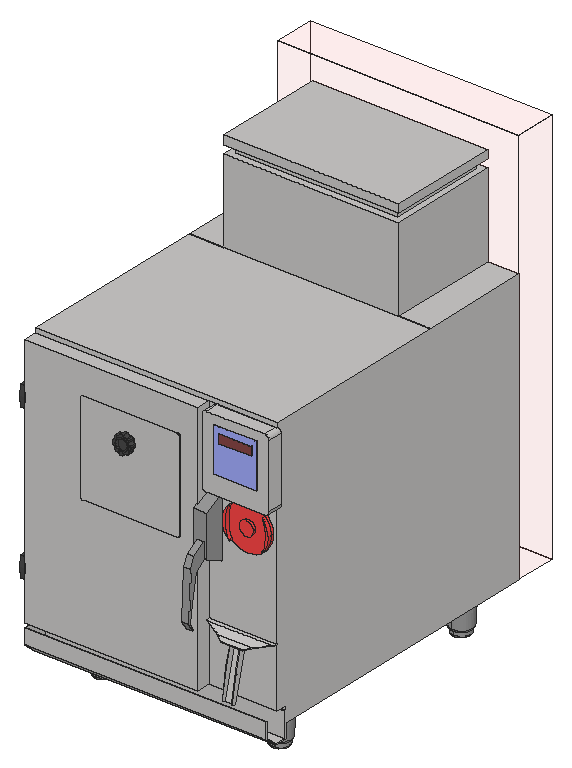
Revit family "QF_MACOM_EASYCOOK", category Equipamento especial, Revit 2020
Family settings
  Cota do conector redondo = Utilizar diâmetro
  Tipo de parte = Normal
  Número OmniClass = 23.40.40.14.17.11
  Título OmniClass = Cookers, Ovens, Stoves
  Com base no plano de trabalho = Não
  Sempre na vertical = Sim
  Corte com vazios quando carregada = Não
  Compartilhado = Não
  Ponto de cálculo do ambiente = Não
Parameters (values of type "EASYCOOK")
  Work Temperature = "80 ºC - 185 ºC"
  Width = 583 mm
  Volume = 0.43 m³
  URL = "https://www.acosmacom.com.br/"
  Show Clearances = yes
  Depth = 754 mm
  Height = 993 mm
  Electric Power = 8000 W
  Modelo = "EASYCOOK"
  Weight = 70.00 kg
  Fabricante = "MACOM"
  Elevação padrão = 0 mm
  Electrical Supply = 220 V
  Operational Current = 36.4 A
  Elec Connection Height = 169 mm
  Descrição = "EASYCOOK ELÉTRICO MACOM"
  Degree of Protection = "IP 23"
  Cycle = 60 Hz
  Capacity in Liters = 10.5 L
Reference planes
  plane 1 "Centro (Frente/Trás)": y = 0
  plane 2: z = 0
  plane 3 "Centro (Esquerda/Direita)": x = 0
  plane 4: y = -754
  plane 5: x = 583
  plane 6: y = 100
  plane 7: z = 100
  plane 8: z = 993
  plane 9: z = 752
  plane 10: x = 543
  plane 11: z = 169
Forms (mm)
  Extrusion 1, solid, material "QF_Metal_Stainless Steel"
    sketch origin (0, 0, 0) x (0, 1, 0) y (0, 0, 1)
      loop
        line (0, 0) -> (0, 993) -> (-754, 993) -> (-754, 0) -> (0, 0)
    from 0 to 575
  Extrusion 2, void
    sketch origin (0, 0, 0) x (0, 1, 0) y (0, 0, 1)
      loop
        line (-754, 993) -> (-754, 752) -> (-263, 752) -> (-263, 993) -> (-754, 993)
    from 0 to 583
  Extrusion 3, void
    sketch origin (0, 0, 0) x (1, 0, 0) y (0, 1, 0)
      loop
        line (0, 0) -> (0, -263) -> (83, -263) -> (83, 0) -> (0, 0)
      loop
        line (500, 0) -> (500, -263) -> (583, -263) -> (583, 0) -> (500, 0)
    from 753 to 993
  Extrusion 4, void
    sketch origin (0, 0, -20) x (1, 0, 0) y (0, 0, 1)
      loop
        line (98, 993) -> (98, 973) -> (485, 973) -> (485, 993) -> (98, 993)
    from 0 to 15
  Extrusion 5, void
    sketch origin (0, 0, -20) x (0, 1, 0) y (0, 0, 1)
      loop
        line (-263, 993) -> (-263, 973) -> (-248, 973) -> (-248, 993) -> (-263, 993)
    from 98 to 485
  Extrusion 6, void
    sketch origin (0, 0, 0) x (1, 0, 0) y (0, 1, 0)
      loop
        line (98, 0) -> (83, 0) -> (83, -263) -> (98, -263) -> (98, 0)
    from 953 to 973
  Extrusion 7, void
    sketch origin (0, 0, 0) x (1, 0, 0) y (0, 1, 0)
      loop
        line (485, 0) -> (485, -263) -> (500, -263) -> (500, 0) -> (485, 0)
    from 953 to 973
  Extrusion 8, void
    sketch origin (0, 0, 0) x (1, 0, 0) y (0, 0, 1)
      loop
        line (413, 753) -> (413, 138) -> (583, 138) -> (583, 753) -> (413, 753)
    from 720.436 to 754
  Extrusion 9, void
    sketch origin (0, 0, 0) x (1, 0, 0) y (0, 0, 1)
      loop
        line (0, 128) -> (583, 128) -> (583, 138) -> (0, 138) -> (0, 128)
    from 694.436 to 754
  Extrusion 10, void
    sketch origin (0, 0, 0) x (0, 1, 0) y (0, 0, 1)
      loop
        line (-694.436, 100) -> (-694.436, 0) -> (0, 0) -> (0, 100) -> (-694.436, 100)
    from 0 to 583
  Extrusion 11, void
    sketch origin (0, 0, 0) x (0, 1, 0) y (0, 0, 1)
      loop
        line (-754, 90.965) -> (-754, 0) -> (-724.2, 0) -> (-724.2, 66.465) -> (-754, 90.965)
    from 0 to 583
  Extrusion 12, void
    sketch origin (0, 0, 0) x (0, 1, 0) y (0, 0, 1)
      loop
        line (-724.2, 66.5) -> (-724.2, 0) -> (-694.436, 0) -> (-694.436, 66.5) -> (-724.2, 66.5)
    from 0 to 583
  Extrusion 13, solid, material "QF_Plastic_Polyetilene_Black", detail levels medium+fine
    sketch origin (0, 0, 0) x (0, 1, 0) y (0, 0, 1)
      loop
        arc (-694, 592) -> (-690.851, 617) -> (-694, 642) r 100.824
        line (-694, 642) -> (-749, 642)
        arc (-749, 642) -> (-751.5, 617) -> (-749, 592) r 126.259
        line (-749, 592) -> (-694, 592)
    from 0 to -12.5
  Extrusion 14, void
    sketch origin (0, 0, 0) x (0, 1, 0) y (0, 0, 1)
      loop
        line (-708.3, 617) -> (-710.3, 617) -> (-710.3, 592) -> (-708.3, 592) -> (-708.3, 617)
    from 0 to -14.5
  Extrusion 15, void
    sketch origin (0, -25, 25) x (0, 1, 0) y (0, 0, 1)
      loop
        line (-707.7, 617) -> (-709.7, 617) -> (-709.7, 592) -> (-707.7, 592) -> (-707.7, 617)
    from 0 to -14.5
  Extrusion 16, void
    sketch origin (0, 0, 0) x (0, 1, 0) y (0, 0, 1)
      loop
        line (-708.3, 617) -> (-734.7, 617) -> (-734.7, 616) -> (-708.3, 616) -> (-708.3, 617)
    from 0 to -14.5
  Extrusion 17, solid, material "QF_Plastic_Polyetilene_Black", detail levels medium+fine
    sketch origin (0, 0, -365) x (0, 1, 0) y (0, 0, 1)
      loop
        arc (-694, 592) -> (-690.851, 617) -> (-694, 642) r 100.824
        line (-694, 642) -> (-749, 642)
        arc (-749, 642) -> (-751.5, 617) -> (-749, 592) r 126.259
        line (-749, 592) -> (-694, 592)
    from 0 to -12.5
  Extrusion 18, void
    sketch origin (0, 0, -365) x (0, 1, 0) y (0, 0, 1)
      loop
        line (-708.3, 617) -> (-710.3, 617) -> (-710.3, 592) -> (-708.3, 592) -> (-708.3, 617)
    from 0 to -14.5
  Extrusion 19, void
    sketch origin (0, 0, 0) x (0, 1, 0) y (0, 0, 1)
      loop
        line (-710.3, 252) -> (-732.7, 252) -> (-732.7, 251) -> (-710.3, 251) -> (-710.3, 252)
    from 0 to -14.5
  Extrusion 20, void
    sketch origin (0, 0, 0) x (0, 1, 0) y (0, 0, 1)
      loop
        line (-732.7, 251) -> (-732.7, 277) -> (-734.7, 277) -> (-734.7, 251) -> (-732.7, 251)
    from 0 to -14.5
  Extrusion 21, void
    sketch origin (0, 0, 0) x (0, 1, 0) y (0, 0, 1)
      loop
        line (-719.7, 753) -> (-754, 753) -> (-754, 742) -> (-719.7, 742) -> (-719.7, 753)
    from 0 to 583
  Extrusion 22, solid, material "QF_Metal_Stainless Steel"
    sketch origin (0, 0, 0) x (0, 1, 0) y (0, 0, 1)
      loop
        line (-64.708, 669.5) -> (-276.177, 669.5)
        arc (-276.177, 669.5) -> (-281.709, 667.209) -> (-284, 661.677) r 7.823
        line (-284, 661.677) -> (-284, 110.746)
        arc (-284, 110.746) -> (-281.878, 105.622) -> (-276.754, 103.5) r 7.246
        line (-276.754, 103.5) -> (-65.203, 103.5)
        arc (-65.203, 103.5) -> (-60.11, 105.61) -> (-58, 110.703) r 7.203
        line (-58, 110.703) -> (-58, 662.792)
        arc (-58, 662.792) -> (-59.965, 667.535) -> (-64.708, 669.5) r 6.708
    from 0 to -5
  Extrusion 23, solid, material "QF_Metal_Stainless Steel"
    sketch origin (0, 0, -10) x (1, 0, 0) y (0, 0, 1)
      loop
        arc (434, 752) -> (426.929, 749.071) -> (424, 742) r 10
        line (424, 742) -> (424, 590)
        arc (424, 590) -> (426.929, 582.929) -> (434, 580) r 10
        line (434, 580) -> (573, 580)
        arc (573, 580) -> (580.071, 582.929) -> (583, 590) r 10
        line (583, 590) -> (583, 742)
        arc (583, 742) -> (580.071, 749.071) -> (573, 752) r 10
        line (573, 752) -> (434, 752)
    from 754 to 719.7
  Extrusion 24, solid, material "QF_Metal_Stainless Steel"
    sketch origin (0, 0, 0) x (1, 0, 0) y (0, 0, 1)
      loop
        arc (141, 672) -> (137.464, 670.536) -> (136, 667) r 5
        line (136, 667) -> (136, 455.282)
        arc (136, 455.282) -> (137.547, 451.547) -> (141.282, 450) r 5.282
        line (141.282, 450) -> (365, 450)
        arc (365, 450) -> (368.536, 451.464) -> (370, 455) r 5
        line (370, 455) -> (370, 667)
        arc (370, 667) -> (368.536, 670.536) -> (365, 672) r 5
        line (365, 672) -> (141, 672)
    from 754 to 755.099
  Extrusion 25, solid, material "QF_Metal_Stainless Steel"
    sketch origin (0, 0, 0) x (0, 1, 0) y (0, 0, 1)
      loop
        line (-374.77, 348.73) -> (-665.77, 348.73)
        arc (-665.77, 348.73) -> (-679.912, 342.872) -> (-685.77, 328.73) r 20
        line (-685.77, 328.73) -> (-685.77, 238.73)
        arc (-685.77, 238.73) -> (-679.912, 224.588) -> (-665.77, 218.73) r 20
        line (-665.77, 218.73) -> (-374.77, 218.73)
        arc (-374.77, 218.73) -> (-360.628, 224.588) -> (-354.77, 238.73) r 20
        line (-354.77, 238.73) -> (-354.77, 328.73)
        arc (-354.77, 328.73) -> (-360.628, 342.872) -> (-374.77, 348.73) r 20
    from 0 to -5
  Extrusion 26, solid, material "QF_Metal_Stainless Steel-Red", detail levels medium+fine
    sketch origin (10, 0, 0) x (1, 0, 0) y (0, 0, 1)
      loop
        circle (503.5, 512) r 55
    from 729.743 to 724
  Extrusion 27, solid, material "QF_Metal_Stainless Steel-Red", detail levels medium+fine
    sketch origin (0, 0, 0) x (1, 0, 0) y (0, 0, 1)
      loop
        circle (513.5, 512) r 17
    from 729.743 to 734.58
  Extrusion 28, solid, material "QF_Metal_Stainless Steel-Red", detail levels medium+fine
    sketch origin (0, 0, 0) x (1, 0, 0) y (0, 0, 1)
      loop
        line (554.001, 549.211) -> (554.001, 545.075)
        spline (554.001, 545.075) -> (556.079, 542.629) -> (557.937, 538.006) -> (559.446, 531.52) -> (560.504, 523.613) -> (561.039, 514.825) -> (561.015, 505.754) -> (560.433, 497.018) -> (559.333, 489.212) -> (557.79, 482.87) -> (555.909, 478.422) -> (553.818, 476.172) -> (551.659, 476.273)
        line (551.659, 476.273) -> (551.659, 472.391)
        arc (551.659, 472.391) -> (568.474, 510.324) -> (554.001, 549.211) r 55
      loop
        line (475.103, 472.621) -> (475.103, 476.196)
        spline (475.103, 476.196) -> (472.951, 477.416) -> (470.946, 480.993) -> (469.225, 486.683) -> (467.903, 494.098) -> (467.073, 502.733) -> (466.79, 512) -> (467.073, 521.267) -> (467.903, 529.902) -> (469.225, 537.317) -> (470.946, 543.007) -> (472.951, 546.584) -> (475.103, 547.804)
        line (475.103, 547.804) -> (475.103, 551.379)
        arc (475.103, 551.379) -> (458.5, 512) -> (475.103, 472.621) r 55
    from 729.743 to 737.753
  Extrusion 29, void
    sketch origin (0, 0, 0) x (0, 1, 0) y (0, 0, 1)
      loop
        line (-752, 128) -> (-752, 91.321) -> (-724.2, 68.465) -> (-696.2, 68.465) -> (-696.2, 128) -> (-752, 128)
    from 2 to 581
  Extrusion 30, solid, material "QF_Plastic_Polyetilene_Blue", detail levels medium+fine
    sketch origin (0, 0, 0) x (1, 0, 0) y (0, 0, 1)
      loop
        line (453, 721) -> (453, 615) -> (554, 615) -> (554, 721) -> (453, 721)
    from 754 to 755.099
  Extrusion 31, solid, material "QF_Plastic_Polyetilene_Red", detail levels medium+fine
    sketch origin (0, 0, 0) x (1, 0, 0) y (0, 0, 1)
      loop
        line (464.5, 706) -> (464.5, 685) -> (542.5, 685) -> (542.5, 706) -> (464.5, 706)
    from 754 to 755.725
  Extrusion 32, solid, material "QF_Metal_Stainless Steel", detail levels medium+fine
    sketch origin (415, -754.436, 252.929) x (0, 1, 0) y (0, 0, 1)
      loop
        line (0, 10) -> (0, 9) -> (7.071, 16.071) -> (24.392, 26.071) -> (34, 26.071) -> (34, 27.071) -> (24.392, 27.071) -> (7.071, 17.071) -> (0, 10)
    from 0 to 160
  Extrusion 33, void
    sketch origin (415, -754.436, 252.929) x (1, 0, 0) y (0, 1, 0)
      loop
        line (0, 26) -> (0, 0) -> (54, 0) -> (0, 26)
      loop
        line (160, 26) -> (106, 0) -> (160, 0) -> (160, 26)
    from 0 to 31.318
  Extrusion 34, solid, material "QF_Clearence_Red", visible <- "Show Clearances"
    sketch origin (0, 0, 0) x (0, 1, 0) y (0, 0, 1)
      loop
        line (100, 100) -> (100, 1049.123) -> (0, 1049.123) -> (0, 100) -> (100, 100)
    from 0 to 575
  Extrusion 35, solid, material "QF_Metal_Stainless Steel", detail levels medium+fine
    sketch origin (0, 0, 0) x (1, 0, 0) y (0, 0, 1)
      loop
        circle (543, 169) r 9.525
    from 0 to -6.4
  Extrusion 36, solid, material "QF_Clearence", visible <- "Show Clearances", detail levels coarse
    sketch origin (0, 0, 0) x (1, 0, 0) y (0, 1, 0)
      loop
        line (0, -719.7) -> (0, -1132.7)
        arc (0, -1132.7) -> (292.035, -1011.735) -> (413, -719.7) r 413
        line (413, -719.7) -> (0, -719.7)
    from 138 to 742
  Extrusion 37, solid, material "QF_Clearence", visible <- "Show Clearances", detail levels coarse
    sketch origin (0, 0, 0) x (0, 1, 0) y (0, 0, 1)
      loop
        line (-754, 450) -> (-754, 672)
        arc (-754, 672) -> (-910.978, 606.978) -> (-976, 450) r 222
        line (-976, 450) -> (-754, 450)
    from 136 to 370
  Extrusion 38, solid, material "QF_Clearence", visible <- "Show Clearances", detail levels coarse
    sketch origin (0, -720.436, 0) x (1, 0, 0) y (0, 0, 1)
      loop
        line (575, 280) -> (415, 280) -> (415, 145) -> (575, 145) -> (575, 280)
    from 0 to 350
Cuts and joins
  Extrusion 2, Extrusion 3, Extrusion 4, Extrusion 5, Extrusion 6, Extrusion 7, Extrusion 8, Extrusion 9, Extrusion 10, Extrusion 11, Extrusion 12, Extrusion 14, Extrusion 15, Extrusion 16, Extrusion 18, Extrusion 19, Extrusion 20, Extrusion 21, Extrusion 29 cuts Extrusion 1
  Extrusion 14, Extrusion 15, Extrusion 16, Extrusion 18 cuts Extrusion 13
  Extrusion 18, Extrusion 19, Extrusion 20 cuts Extrusion 17
  Extrusion 33 cuts Extrusion 32
  joined: Extrusion 26, Extrusion 28
Lines and regions (mm)
  model lines
    curve 1: line (0, -710.3, 616) -> (0, -710.3, 617)
  symbolic lines
    curve 2: line (0, 0, 0) -> (575, 0, 0)
    curve 3: line (575, 0, 0) -> (575, -263, 0)
    curve 4: line (575, -263, 0) -> (0, -263, 0)
    curve 5: line (0, -263, 0) -> (0, 0, 0)
    curve 6: line (83, -263, 0) -> (83, 0, 0)
    curve 7: line (500, 0, 0) -> (500, -263, 0)
    curve 8: line (0, -58, 0) -> (-5, -58, 0)
    curve 9: line (-5, -58, 0) -> (-5, -284, 0)
    curve 10: line (-5, -284, 0) -> (0, -284, 0)
    curve 11: line (-5, -354.77, 0) -> (0, -354.77, 0)
    curve 12: line (-5, -354.77, 0) -> (-5, -685.77, 0)
    curve 13: line (-5, -685.77, 0) -> (0, -685.77, 0)
    curve 14: line (0, -263, 0) -> (0, -754, 0)
    curve 15: line (0, -754, 0) -> (583, -754, 0)
    curve 16: line (583, -754, 0) -> (583, -719.7, 0)
    curve 17: line (583, -719.7, 0) -> (575, -719.7, 0)
    curve 18: line (575, -719.7, 0) -> (575, -263, 0)
    curve 19: line (0, -719.7, 0) -> (575, -719.7, 0)
    curve 20: line (246, -755.099, 0) -> (246, -769.174, 0)
    curve 21: line (246, -769.174, 0) -> (232, -769.174, 0)
    curve 22: line (232, -769.174, 0) -> (232, -782.174, 0)
    curve 23: line (232, -782.174, 0) -> (276, -782.174, 0)
    curve 24: line (276, -782.174, 0) -> (276, -769.174, 0)
    curve 25: line (276, -769.174, 0) -> (262, -769.174, 0)
    curve 26: line (262, -769.174, 0) -> (262, -755.099, 0)
    curve 27: line (428, -810.691, 0) -> (413, -810.691, 0)
    curve 28: line (413, -810.691, 0) -> (413, -765.436, 0)
    curve 29: line (413, -765.436, 0) -> (405, -765.436, 0)
    curve 30: line (405, -765.436, 0) -> (405, -720.436, 0)
    curve 31: line (405, -720.436, 0) -> (583, -720.436, 0)
    curve 32: line (554, -754, 0) -> (554, -755.099, 0)
    curve 33: line (554, -755.099, 0) -> (542.5, -755.099, 0)
    curve 34: line (542.5, -755.099, 0) -> (507.5, -755.099, 0)
    curve 35: line (507.5, -755.099, 0) -> (507.5, -767.64, 0)
    curve 36: line (507.5, -767.64, 0) -> (505.5, -767.64, 0)
    curve 37: line (505.5, -767.64, 0) -> (505.5, -762.54, 0)
    curve 38: line (505.5, -762.54, 0) -> (484.5, -762.54, 0)
    curve 39: line (484.5, -762.54, 0) -> (484.5, -767.64, 0)
    curve 40: line (484.5, -767.64, 0) -> (482.5, -767.64, 0)
    curve 41: line (482.5, -767.64, 0) -> (482.5, -755.099, 0)
    curve 42: line (482.5, -755.099, 0) -> (445, -755.099, 0)
    curve 43: line (445, -755.099, 0) -> (445, -754, 0)
    curve 44: line (413, -810.691, 0) -> (428, -810.691, 0)
    curve 45: line (428, -765.436, 0) -> (436.5, -765.436, 0)
    curve 46: line (436.5, -765.436, 0) -> (436.5, -754, 0)
    curve 47: line (413, -765.436, 0) -> (428, -765.436, 0)
    curve 48: line (262, -755.099, 0) -> (262, -754, 0)
    curve 49: line (246, -755.099, 0) -> (246, -754, 0)
    curve 50: line (428, -810.691, 0) -> (428, -765.436, 0)
  symbolic lines, style "QF_Clearances_Code_Mandatory"
    curve 51: line (575, 0, 0) -> (575, 100, 0)
    curve 52: line (575, 100, 0) -> (0, 100, 0)
    curve 53: line (0, 100, 0) -> (0, 0, 0)
Dimensions and locks
  plane 6 to plane 1 "Centro (Frente/Trás)" = 100 mm
  "Depth": plane 4 to plane 1 "Centro (Frente/Trás)"
  "Width": plane 3 "Centro (Esquerda/Direita)" to plane 5
  plane 7 to plane 9 = 652 mm
  plane 7 to level = 100 mm
  "Height": plane 8 to level
  "Elec Connection Height": level to plane 11
  plane 10 to plane 5 = 40 mm
  aligned and locked: level to plane 2
  aligned and locked: plane 5 to Extrusion 23
  aligned and locked: plane 9 to cut or joined group 1 (Extrusion 1, Extrusion 2, Extrusion 3, Extrusion 4, Extrusion 5, Extrusion 6, Extrusion 7, Extrusion 8, Extrusion 9, Extrusion 10, Extrusion 11, Extrusion 12, Extrusion 14, Extrusion 15, Extrusion 16, Extrusion 18, Extrusion 19, Extrusion 20, Extrusion 21, Extrusion 29)
  aligned and locked: plane 8 to cut or joined group 1
  aligned and locked: plane 7 to cut or joined group 1
  aligned and locked: curve 19 to cut or joined group 1
  aligned and locked: curve 35 to nested 5
  aligned and locked: Extrusion 38 sketch curve to cut or joined group of Extrusion 32, Extrusion 33
Automatic sketch dimensions
  curve 1 to plane 4 = 43.7 mm
  level to curve 1 = 616 mm
  curve 1 to curve 1 = 1 mm
  Extrusion 1 sketch curve to level = 0 mm
  Extrusion 1 sketch curve to plane 4 = 0 mm
  Extrusion 1 sketch curve to plane 1 "Centro (Frente/Trás)" = 0 mm
  level to Extrusion 1 sketch curve = 993 mm
  plane 1 "Centro (Frente/Trás)" to Extrusion 3 sketch curve = 0 mm  (x2)
  Extrusion 3 sketch curve to plane 3 "Centro (Esquerda/Direita)" = 0 mm
  Extrusion 3 sketch curve to plane 5 = 0 mm
  plane 3 "Centro (Esquerda/Direita)" to Extrusion 3 sketch curve = 83 mm
  Extrusion 3 sketch curve to Extrusion 3 sketch curve = 83 mm
  plane 1 "Centro (Frente/Trás)" to Extrusion 3 sketch curve = 263 mm  (x2)
  plane 3 "Centro (Esquerda/Direita)" to Extrusion 4 sketch curve = 98 mm
  Extrusion 4 sketch curve to plane 5 = 98 mm
  level to Extrusion 4 sketch curve = 953 mm
  Extrusion 4 sketch curve to Extrusion 4 sketch curve = 20 mm
  plane 1 "Centro (Frente/Trás)" to Extrusion 5 sketch curve = 263 mm
  Extrusion 5 sketch curve to Extrusion 5 sketch curve = 15 mm
  level to Extrusion 5 sketch curve = 953 mm
  Extrusion 5 sketch curve to Extrusion 5 sketch curve = 20 mm
  plane 1 "Centro (Frente/Trás)" to Extrusion 6 sketch curve = 0 mm
  plane 3 "Centro (Esquerda/Direita)" to Extrusion 6 sketch curve = 83 mm
  Extrusion 6 sketch curve to Extrusion 6 sketch curve = 15 mm
  plane 1 "Centro (Frente/Trás)" to Extrusion 6 sketch curve = 263 mm
  plane 1 "Centro (Frente/Trás)" to Extrusion 7 sketch curve = 0 mm
  Extrusion 7 sketch curve to plane 5 = 98 mm
  Extrusion 7 sketch curve to Extrusion 7 sketch curve = 15 mm
  plane 1 "Centro (Frente/Trás)" to Extrusion 7 sketch curve = 263 mm
  Extrusion 8 sketch curve to plane 5 = 0 mm
  Extrusion 8 sketch curve to Extrusion 8 sketch curve = 170 mm
  level to Extrusion 8 sketch curve = 138 mm
  Extrusion 8 sketch curve to Extrusion 8 sketch curve = 615 mm
  Extrusion 9 sketch curve to plane 3 "Centro (Esquerda/Direita)" = 0 mm
  Extrusion 9 sketch curve to plane 5 = 0 mm
  level to Extrusion 9 sketch curve = 128 mm
  Extrusion 9 sketch curve to Extrusion 9 sketch curve = 10 mm
  Extrusion 10 sketch curve to level = 0 mm
  Extrusion 10 sketch curve to plane 1 "Centro (Frente/Trás)" = 0 mm
  Extrusion 10 sketch curve to plane 4 = 59.564 mm
  level to Extrusion 10 sketch curve = 100 mm
  Extrusion 11 sketch curve to plane 4 = 0 mm
  Extrusion 11 sketch curve to level = 0 mm
  Extrusion 11 sketch curve to plane 4 = 29.8 mm
  level to Extrusion 11 sketch curve = 66.465 mm
  Extrusion 11 sketch curve to Extrusion 11 sketch curve = 24.5 mm
  Extrusion 12 sketch curve to level = 0 mm
  Extrusion 12 sketch curve to plane 4 = 29.8 mm
  Extrusion 12 sketch curve to Extrusion 12 sketch curve = 29.764 mm
  level to Extrusion 12 sketch curve = 66.5 mm
  plane 4 to Extrusion 13 sketch curve = 37.675 mm
  Extrusion 13 sketch curve to plane 4 = 5 mm  (x2)
  Extrusion 13 sketch curve to Extrusion 13 sketch curve = 55 mm
  Extrusion 13 sketch curve to Extrusion 13 sketch curve = 0 mm
  Extrusion 13 sketch curve to Extrusion 13 sketch curve = 68.759 mm
  level to Extrusion 13 sketch curve = 592 mm
  Extrusion 13 sketch curve to Extrusion 13 sketch curve = 25 mm
  Extrusion 14 sketch curve to plane 4 = 43.7 mm
  Extrusion 14 sketch curve to Extrusion 14 sketch curve = 2 mm
  level to Extrusion 14 sketch curve = 592 mm
  Extrusion 14 sketch curve to Extrusion 14 sketch curve = 25 mm
  Extrusion 15 sketch curve to plane 4 = 19.3 mm
  Extrusion 15 sketch curve to Extrusion 15 sketch curve = 2 mm
  level to Extrusion 15 sketch curve = 617 mm
  Extrusion 15 sketch curve to Extrusion 15 sketch curve = 25 mm
  Extrusion 16 sketch curve to plane 4 = 19.3 mm
  Extrusion 16 sketch curve to Extrusion 16 sketch curve = 26.4 mm
  level to Extrusion 16 sketch curve = 616 mm
  Extrusion 16 sketch curve to Extrusion 16 sketch curve = 1 mm
  plane 4 to Extrusion 17 sketch curve = 37.675 mm
  Extrusion 17 sketch curve to plane 4 = 5 mm  (x2)
  Extrusion 17 sketch curve to Extrusion 17 sketch curve = 55 mm
  Extrusion 17 sketch curve to Extrusion 17 sketch curve = 0 mm
  Extrusion 17 sketch curve to Extrusion 17 sketch curve = 68.759 mm
  level to Extrusion 17 sketch curve = 227 mm
  Extrusion 17 sketch curve to Extrusion 17 sketch curve = 25 mm
  Extrusion 18 sketch curve to plane 4 = 43.7 mm
  Extrusion 18 sketch curve to Extrusion 18 sketch curve = 2 mm
  level to Extrusion 18 sketch curve = 227 mm
  Extrusion 18 sketch curve to Extrusion 18 sketch curve = 25 mm
  Extrusion 19 sketch curve to plane 4 = 21.3 mm
  Extrusion 19 sketch curve to Extrusion 19 sketch curve = 22.4 mm
  level to Extrusion 19 sketch curve = 251 mm
  Extrusion 19 sketch curve to Extrusion 19 sketch curve = 1 mm
  Extrusion 20 sketch curve to plane 4 = 19.3 mm
  Extrusion 20 sketch curve to Extrusion 20 sketch curve = 2 mm
  level to Extrusion 20 sketch curve = 251 mm
  Extrusion 20 sketch curve to Extrusion 20 sketch curve = 26 mm
  Extrusion 21 sketch curve to plane 4 = 0 mm
  Extrusion 21 sketch curve to plane 4 = 34.3 mm
  level to Extrusion 21 sketch curve = 742 mm
  Extrusion 21 sketch curve to Extrusion 21 sketch curve = 11 mm
  plane 1 "Centro (Frente/Trás)" to Extrusion 22 sketch curve = 284 mm
  Extrusion 22 sketch curve to Extrusion 22 sketch curve = 7.246 mm
  Extrusion 22 sketch curve to Extrusion 22 sketch curve = 7.823 mm
  plane 1 "Centro (Frente/Trás)" to Extrusion 22 sketch curve = 65.203 mm
  plane 1 "Centro (Frente/Trás)" to Extrusion 22 sketch curve = 64.708 mm
  Extrusion 22 sketch curve to Extrusion 22 sketch curve = 6.708 mm
  level to Extrusion 22 sketch curve = 103.5 mm
  Extrusion 22 sketch curve to Extrusion 22 sketch curve = 550.931 mm
  Extrusion 23 sketch curve to plane 5 = 0 mm
  Extrusion 23 sketch curve to plane 5 = 10 mm
  Extrusion 23 sketch curve to Extrusion 23 sketch curve = 10 mm  (x2)
  Extrusion 23 sketch curve to Extrusion 23 sketch curve = 139 mm  (x2)
  level to Extrusion 23 sketch curve = 570 mm
  Extrusion 23 sketch curve to Extrusion 23 sketch curve = 152 mm
  plane 3 "Centro (Esquerda/Direita)" to Extrusion 24 sketch curve = 136 mm
  Extrusion 24 sketch curve to Extrusion 24 sketch curve = 5 mm  (x2)
  Extrusion 24 sketch curve to Extrusion 24 sketch curve = 5.282 mm
  Extrusion 24 sketch curve to plane 5 = 218 mm
  Extrusion 24 sketch curve to Extrusion 24 sketch curve = 0 mm
  level to Extrusion 24 sketch curve = 450 mm
  Extrusion 24 sketch curve to Extrusion 24 sketch curve = 211.718 mm
  Extrusion 25 sketch curve to plane 4 = 68.23 mm
  Extrusion 25 sketch curve to Extrusion 25 sketch curve = 20 mm  (x3)
  Extrusion 25 sketch curve to Extrusion 25 sketch curve = 291 mm
  Extrusion 25 sketch curve to Extrusion 25 sketch curve = 0 mm
  level to Extrusion 25 sketch curve = 218.73 mm
  Extrusion 25 sketch curve to Extrusion 25 sketch curve = 90 mm
  Extrusion 26 sketch curve to plane 5 = 69.5 mm
  level to Extrusion 26 sketch curve = 512 mm
  Extrusion 27 sketch curve to plane 5 = 69.5 mm
  level to Extrusion 27 sketch curve = 512 mm
  Extrusion 28 sketch curve to Extrusion 28 sketch curve = 0 mm  (x2)
  Extrusion 28 sketch curve to plane 5 = 107.897 mm
  Extrusion 28 sketch curve to Extrusion 28 sketch curve = 38.397 mm
  Extrusion 28 sketch curve to plane 5 = 31.341 mm
  Extrusion 28 sketch curve to plane 5 = 28.999 mm
  level to Extrusion 28 sketch curve = 472.391 mm
  Extrusion 28 sketch curve to Extrusion 28 sketch curve = 0.23 mm
  Extrusion 28 sketch curve to Extrusion 28 sketch curve = 3.575 mm  (x2)
  Extrusion 28 sketch curve to Extrusion 28 sketch curve = 3.882 mm
  Extrusion 28 sketch curve to Extrusion 28 sketch curve = 35.727 mm
  Extrusion 28 sketch curve to Extrusion 28 sketch curve = 4.136 mm
  Extrusion 28 sketch curve to Extrusion 28 sketch curve = 1.171 mm
  Extrusion 28 sketch curve to Extrusion 28 sketch curve = 0.35 mm
  Extrusion 29 sketch curve to plane 4 = 2 mm
  Extrusion 29 sketch curve to plane 4 = 29.8 mm
  Extrusion 29 sketch curve to Extrusion 29 sketch curve = 55.8 mm
  level to Extrusion 29 sketch curve = 68.465 mm
  Extrusion 29 sketch curve to Extrusion 29 sketch curve = 22.856 mm
  Extrusion 29 sketch curve to Extrusion 29 sketch curve = 36.679 mm
  Extrusion 30 sketch curve to plane 5 = 130 mm
  Extrusion 30 sketch curve to plane 5 = 29 mm
  level to Extrusion 30 sketch curve = 615 mm
  Extrusion 30 sketch curve to Extrusion 30 sketch curve = 106 mm
  Extrusion 31 sketch curve to plane 5 = 118.5 mm
  Extrusion 31 sketch curve to plane 5 = 40.5 mm
  level to Extrusion 31 sketch curve = 685 mm
  Extrusion 31 sketch curve to Extrusion 31 sketch curve = 21 mm
  plane 4 to Extrusion 32 sketch curve = 0.436 mm
  Extrusion 32 sketch curve to plane 4 = 6.635 mm
  Extrusion 32 sketch curve to Extrusion 32 sketch curve = 0 mm  (x2)
  Extrusion 32 sketch curve to Extrusion 32 sketch curve = 17.321 mm
  Extrusion 32 sketch curve to Extrusion 32 sketch curve = 9.608 mm
  level to Extrusion 32 sketch curve = 261.929 mm
  Extrusion 32 sketch curve to Extrusion 32 sketch curve = 1 mm  (x3)
  Extrusion 32 sketch curve to Extrusion 32 sketch curve = 6.071 mm
  Extrusion 32 sketch curve to Extrusion 32 sketch curve = 9 mm
  Extrusion 33 sketch curve to plane 5 = 8 mm
  plane 4 to Extrusion 33 sketch curve = 0.436 mm  (x2)
  Extrusion 33 sketch curve to Extrusion 33 sketch curve = 54 mm  (x2)
  Extrusion 33 sketch curve to Extrusion 33 sketch curve = 52 mm
  Extrusion 33 sketch curve to plane 4 = 25.564 mm  (x2)
  Extrusion 2 sketch curve to plane 4 = 0 mm
  Extrusion 2 sketch curve to plane 9 = 0 mm
  plane 8 to Extrusion 2 sketch curve = 0 mm
  plane 1 "Centro (Frente/Trás)" to Extrusion 2 sketch curve = 263 mm
  Extrusion 34 sketch curve to plane 1 "Centro (Frente/Trás)" = 0 mm
  Extrusion 34 sketch curve to plane 6 = 0 mm
  plane 7 to Extrusion 34 sketch curve = 0 mm
  Extrusion 34 sketch curve to plane 8 = 56.123 mm
  plane 10 to Extrusion 35 sketch curve = 0 mm
  Extrusion 35 sketch curve to plane 11 = 0 mm
  Extrusion 36 sketch curve to plane 3 "Centro (Esquerda/Direita)" = 0 mm
  Extrusion 36 sketch curve to plane 4 = 34.3 mm
  plane 10 to Extrusion 36 sketch curve = 130 mm
  Extrusion 37 sketch curve to plane 4 = 0 mm
  plane 11 to Extrusion 37 sketch curve = 281 mm
  Extrusion 37 sketch curve to Extrusion 37 sketch curve = 222 mm
  plane 1 "Centro (Frente/Trás)" to curve 53 = 0 mm
  curve 52 to plane 3 "Centro (Esquerda/Direita)" = 0 mm
  plane 4 to curve 49 = 0 mm
  curve 16 to plane 5 = 0 mm
  curve 53 to plane 6 = 0 mm
  curve 12 to plane 3 "Centro (Esquerda/Direita)" = 5 mm
  curve 8 to plane 3 "Centro (Esquerda/Direita)" = 5 mm
  plane 4 to curve 21 = 15.174 mm
  plane 3 "Centro (Esquerda/Direita)" to curve 21 = 232 mm
  plane 4 to curve 49 = 1.099 mm
  curve 21 to curve 49 = 14 mm
  curve 20 to curve 25 = 16 mm
  curve 25 to curve 25 = 14 mm
  curve 30 to plane 4 = 33.564 mm
  curve 30 to curve 34 = 102.5 mm
  curve 29 to curve 44 = 8 mm
  curve 27 to curve 50 = 15 mm
  curve 45 to curve 46 = 8.5 mm
  plane 4 to curve 42 = 1.099 mm
  curve 46 to curve 42 = 8.5 mm
  curve 41 to curve 35 = 25 mm
  curve 40 to curve 38 = 2 mm
  curve 37 to curve 35 = 2 mm
  plane 10 to curve 34 = 0.5 mm
  plane 4 to curve 33 = 1.099 mm
  curve 33 to plane 10 = 11 mm
  curve 3 to plane 5 = 8 mm
  plane 4 to curve 23 = 28.174 mm
  plane 4 to curve 27 = 56.691 mm
  curve 23 to curve 25 = 13 mm
  curve 40 to curve 41 = 12.54 mm
  curve 35 to curve 34 = 12.54 mm
  plane 4 to curve 30 = 11.436 mm
  curve 36 to curve 37 = 5.1 mm
  curve 48 to curve 48 = 1.099 mm
  curve 19 to curve 13 = 33.93 mm
  curve 12 to curve 11 = 331 mm
  curve 11 to curve 10 = 70.77 mm
  plane 1 "Centro (Frente/Trás)" to curve 18 = 263 mm
  plane 1 "Centro (Frente/Trás)" to curve 9 = 58 mm
  plane 3 "Centro (Esquerda/Direita)" to curve 6 = 83 mm
  plane 10 to curve 7 = 43 mm
  Extrusion 38 sketch curve to Extrusion 8 = 2 mm
  Extrusion 38 sketch curve to Extrusion 8 = 8 mm
  Extrusion 38 sketch curve to Extrusion 8 = 7 mm
  radius of Extrusion 26 sketch curve = 55 mm
  radius of Extrusion 27 sketch curve = 17 mm
  radius of Extrusion 35 sketch curve = 9.525 mm
Nested families
  nested 1: "PÉ DE APOIO CONICO 100" at (502, -621, 0), type "PÉ DE APOIO CONICO 100"
  nested 2: "PÉ DE APOIO CONICO 100" at (502, -81, 0), type "PÉ DE APOIO CONICO 100"
  nested 3: "PÉ DE APOIO CONICO 100" at (81, -621, 0), type "PÉ DE APOIO CONICO 100"
  nested 4: "PÉ DE APOIO CONICO 100" at (81, -81, 0), type "PÉ DE APOIO CONICO 100"
  nested 5: "ESCAPE RESIDUO" at (482.5, -720.436, -13.695), type "ESCAPE RESIDUO", detail levels medium+fine
  nested 6: "ALÇA EASY" at (413, -720.436, 292.055), type "ALÇA EASY", detail levels medium+fine
  nested 7: "Manipulo" at (254, -532.174, 554.416), type "Manipulo", detail levels medium+fine
Connectors
  electrical at (543, 6.4, 169), driven by "Electrical Supply", driven by "Electric Power"
    settings: on Extrusion 35, index 1, voltage 220 V, apparent load 8000 VA, apparent load phase1 0 VA, apparent load phase2 0 VA, apparent load phase3 0 VA, power factor 1, load classification "Potência", number of poles 1, system type 30, power factor state 1, is connector primary yes, connector utility no, sub classification motor no, connector description ""
Definition of nested family "PÉ DE APOIO CONICO 100"
  Parameters (values of type "PÉ DE APOIO CONICO 100")
    Default Elevation = 0 mm
  Reference planes
    plane 1 "Centro (Frente/Trás)": y = 0
    plane 2: z = 0
    plane 3 "Centro (Esquerda/Direita)": x = 0
  Forms (mm)
    Revolve 1, solid
      sketch origin (0, 0, 0) x (0, 1, 0) y (0, 0, 1)
        loop
          line (0, 0) -> (20, 0)
          arc (20, 0) -> (21.414, 0.586) -> (22, 2) r 2
          line (22, 2) -> (22, 14) -> (24.5, 14)
          arc (24.5, 14) -> (25.883, 14.547) -> (26.5, 15.9) r 1.99
          line (26.5, 15.9) -> (29.6, 84.2)
          arc (29.6, 84.2) -> (30.815, 87.048) -> (33.6, 88.4) r 4.42
          line (33.6, 88.4) -> (0, 88.4) -> (0, 0)
        axis (0, 88.4) -> (0, 0)
      angle from 0 to 360
    Extrusion 2, solid
      sketch origin (0, 0, 0) x (0, 1, 0) y (0, 0, 1)
        loop
          line (-50, 88.4) -> (50, 88.4) -> (50, 99.9) -> (-50, 99.9) -> (-50, 88.4)
      from -50.004 to 49.826
  Cuts and joins
    joined: Revolve 1, Extrusion 2
  Dimensions and locks
    aligned and locked: level to plane 2
Definition of nested family "ESCAPE RESIDUO"
  Parameters (values of type "ESCAPE RESIDUO")
    Default Elevation = 0 mm
  Reference planes
    plane 1 "Centro (Frente/Trás)": y = 0
    plane 2: z = 0
    plane 3 "Centro (Esquerda/Direita)": x = 0
  Forms (mm)
    Extrusion 1, solid
      sketch origin (0, -40.517, 0) x (0, 1, 0) y (0, 0, 1)
        loop
          line (17.164, 275.624) -> (4.714, 229.107) -> (-6.686, 163.307)
          arc (-6.686, 163.307) -> (-6.169, 161.277) -> (-4.586, 159.907) r 3.5
          line (-4.586, 159.907) -> (-0.651, 158.887) -> (26.612, 260.747)
          arc (26.612, 260.747) -> (28.398, 263.42) -> (31.442, 264.454) r 5
          line (31.442, 264.454) -> (40.517, 264.454) -> (40.517, 275.624) -> (17.164, 275.624)
      from 0 to 25
    Extrusion 2, void
      sketch origin (0, 0, 0) x (0, 1, 0) y (0, 0, 1)
        loop
          line (0, 275.624) -> (-23.353, 275.624) -> (-35.803, 229.107) -> (-47.203, 163.307)
          arc (-47.203, 163.307) -> (-46.686, 161.277) -> (-45.103, 159.907) r 3.5
          line (-45.103, 159.907) -> (-42.104, 159.129) -> (-14.637, 261.747)
          arc (-14.637, 261.747) -> (-12.852, 264.42) -> (-9.807, 265.454) r 5
          line (-9.807, 265.454) -> (0, 265.454) -> (0, 275.624)
      from 2 to 23
  Cuts and joins
    Extrusion 2 cuts Extrusion 1
  Dimensions and locks
    aligned and locked: level to plane 2
Definition of nested family "ALÇA EASY"
  Parameters (values of type "ALÇA EASY")
    Default Elevation = 0 mm
  Reference planes
    plane 1 "Centro (Frente/Trás)": y = 0
    plane 2: z = 0
    plane 3 "Centro (Esquerda/Direita)": x = 0
  Forms (mm)
    Extrusion 1, solid
      sketch origin (-413, -1162.982, -702.616) x (0, 1, 0) y (0, 0, 1)
        loop
          line (1162.982, 966.06) -> (1117.982, 943.56) -> (1117.982, 845.17) -> (1162.982, 822.67) -> (1162.982, 966.06)
      from 413 to 444.5
    Extrusion 2, solid
      sketch origin (-413, 724, -286.946) x (0, 1, 0) y (0, 0, 1)
        loop
          line (-769, 465) -> (-797.67, 444.925) -> (-808.236, 422.267) -> (-814.254, 307.425) -> (-799.915, 286.946) -> (-809.056, 306.549) -> (-803.557, 345.083) -> (-791.155, 408.888) -> (-764.752, 427.376) -> (-769, 429.5) -> (-769, 465)
      from 421 to 436
  Cuts and joins
    joined: Extrusion 1, Extrusion 2
  Dimensions and locks
    aligned and locked: level to plane 2
Definition of nested family "Manipulo"
  Parameters (values of type "Manipulo")
    Default Elevation = 0 mm
  Reference planes
    plane 1 "Centro (Frente/Trás)": y = 0
    plane 2: z = 0
    plane 3 "Centro (Esquerda/Direita)": x = 0
  Forms (mm)
    Extrusion 1, solid
      sketch origin (-527.496, 0, -994.368) x (1, 0, 0) y (0, 0, 1)
        loop
          circle (527.496, 1059.368) r 22
      from 237 to 250
    Extrusion 2, void
      sketch origin (-527.496, 0, -993.118) x (1, 0, 0) y (0, 0, 1)
        loop
          circle (504.357, 1047.522) r 7
      from 237 to 250
    Extrusion 3, void
      sketch origin (527.496, 0, -993.118) x (-1, 0, 0) y (0, 0, -1)
        loop
          circle (504.357, -1047.522) r 7
      from 237 to 250
    Extrusion 4, void
      sketch origin (-527.496, 0, 1123.118) x (1, 0, 0) y (0, 0, 1)
        loop
          circle (504.357, -1047.522) r 7
      from 237 to 250
    Extrusion 5, void
      sketch origin (527.496, 0, 1123.118) x (-1, 0, 0) y (0, 0, -1)
        loop
          circle (504.357, 1047.522) r 7
      from 237 to 250
    Extrusion 6, void
      sketch origin (1058.118, 0, 592.496) x (0, 0, -1) y (1, 0, 0)
        loop
          circle (504.357, -1047.522) r 7
      from 237 to 250
    Extrusion 7, void
      sketch origin (1058.118, 0, -462.496) x (0, 0, 1) y (-1, 0, 0)
        loop
          circle (504.357, 1047.522) r 7
      from 237 to 250
    Extrusion 8, void
      sketch origin (-1058.118, 0, 592.496) x (0, 0, -1) y (1, 0, 0)
        loop
          circle (504.357, 1047.522) r 7
      from 237 to 250
    Extrusion 9, void
      sketch origin (-1058.118, 0, -462.496) x (0, 0, 1) y (-1, 0, 0)
        loop
          circle (504.357, -1047.522) r 7
      from 237 to 250
    Extrusion 10, void
      sketch origin (-527.496, 0, -994.368) x (1, 0, 0) y (0, 0, 1)
        loop
          circle (527.496, 1059.368) r 15
      from 247.368 to 250
    Revolve 11, solid
      sketch origin (0, -2.632, -998.119) x (0, 1, 0) y (0, 0, 1)
        loop
          arc (-247.368, 1078.119) -> (-245.478, 1077.122) -> (-244.735, 1075.119) r 2.992
          line (-244.735, 1075.119) -> (-244.735, 1078.119) -> (-247.368, 1078.119)
        axis (-247.368, 1063.119) -> (-244.735, 1063.119)
      angle from 0 to 360
    Extrusion 12, solid
      sketch origin (0, 0, -994.368) x (1, 0, 0) y (0, 0, 1)
        loop
          circle (0, 1059.368) r 8
      from 222.925 to 237
  Cuts and joins
    Extrusion 2, Extrusion 3, Extrusion 4, Extrusion 5, Extrusion 6, Extrusion 7, Extrusion 8, Extrusion 9, Extrusion 10 cuts Extrusion 1
  Dimensions and locks
    aligned and locked: level to plane 2
